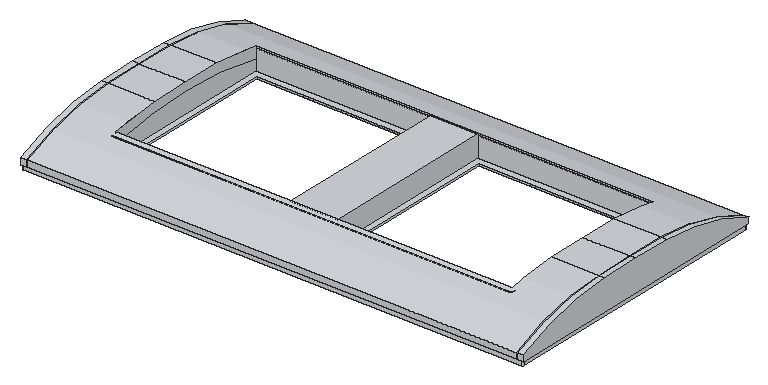
Revit family "Gira_0212768", category Electrical Fixtures, host Face, Revit 2017
Family settings
  Host = Face
  Maintain Annotation Orientation = No
  Round Connector Dimension = Use Diameter
  Part Type = Normal
  Cut with Voids When Loaded = No
  Shared = No
  Room Calculation Point = No
Parameters (values of type "Cov.fr. 2-g interm.fr. AN Gira Event Clear brown")
  With mounting grid = "No"
  With hinged lid = "No"
  URL = "http://katalog.gira.de/en/datenblatt.html?artikelnr=0212768"
  Type of fastening = "Clamp mounting"
  Transparent = "No"
  Surface protection = "Other"
  Surface finishing = "Glossy"
  Suitable for wall duct = "No"
  Suitable for flush-mounted installation = "Yes"
  Suitable for floor box = "No"
  Suitable for built-in installation = "No"
  Number of units vertical = "2"
  Number of units horizontal = "2"
  Number of units = "2"
  Name = "Cov.fr. 2-g interm.fr. AN Gira Event Clear brown"
  Mounting direction = "Horizontal and vertical"
  Material quality = "Thermoplastic"
  Material = "Plastic"
  Manufacturer URL = "https://www.gira.de/"
  Manufacturer = "Gira"
  Label space/information surface = "No"
  Keynote = ""
  HeinzeBIM = "https://bimportal.heinze.de/bim/cov-fr-2-g-interm-fr-an-gira-event-clear-brown/c42af1bc9aecc78102586e3d8887c7005445b592"
  Halogen free = "Yes"
  HAN = "0212768"
  GTIN = "4010337069454"
  Description = "Cov.fr.2g i.fr.AN EvCl BN,Gira Event Clear cover frame,brown with anthracite intermediate frame,2-gang,Features:,- Shatter-proof."
  Degree of protection (IP) = "IP20"
  Default Elevation = 1219.2 mm
  Data sheet (1) = "https://katalog.gira.de/en/download.html?artikelnr=0212768"
  Colour = "Brown"
  Category = "Cover frame for domestic switching devices"
  BIM (1) = "https://media.stage.bim.site/public/gira/36a6b08/Event_Rahmen_2fach.rfa"
  Available = "No"
Reference planes
  plane 1 "Center (Front/Back)": y = 0
  plane 2: z = 0
  plane 3 "Center (Left/Right)": x = 0
Forms (mm)
  Extrusion 1, solid, detail levels fine
    sketch origin (0, 0, 0.05) x (0, 1, 0) y (0, 0, 1)
      loop
        arc (12.445, 9.683) -> (6.223, 9.833) -> (0, 9.85) r 291.636
        arc (0, 9.85) -> (-6.223, 9.833) -> (-12.445, 9.683) r 291.636
        arc (-12.445, 9.683) -> (-29.14, 7.482) -> (-45, 1.823) r 79.728
        line (-45, 1.823) -> (-45, -0.05) -> (-42.086, -0.05)
        arc (-42.086, -0.05) -> (-21.385, 5.559) -> (0, 7.206) r 114.424
        arc (0, 7.206) -> (21.385, 5.559) -> (42.086, -0.05) r 114.424
        line (42.086, -0.05) -> (45, -0.05) -> (45, 1.823)
        arc (45, 1.823) -> (29.14, 7.482) -> (12.445, 9.683) r 79.728
    from -78.55 to 78.55
  Extrusion 2, void, detail levels fine
    sketch origin (0, 0, 0) x (1, 0, 0) y (0, 1, 0)
      loop
        line (-63.55, -27.937) -> (63.55, -27.937) -> (63.55, 28.063) -> (-63.55, 28.063) -> (-63.55, -27.937)
    from 0.724 to 11
  Extrusion 3, solid, detail levels coarse
    sketch origin (0, 0, 0) x (1, 0, 0) y (0, 1, 0)
      loop
        line (-80.55, 45) -> (-80.55, -45) -> (80.55, -45) -> (80.55, 45) -> (-80.55, 45)
    from -1.5 to 9.9
  Extrusion 4, solid, detail levels medium
    sketch origin (0, 0, 0.05) x (0, 1, 0) y (0, 0, 1)
      loop
        arc (12.445, 9.683) -> (6.223, 9.833) -> (0, 9.85) r 291.636
        arc (0, 9.85) -> (-6.223, 9.833) -> (-12.445, 9.683) r 291.636
        arc (-12.445, 9.683) -> (-29.14, 7.482) -> (-45, 1.823) r 79.728
        line (-45, 1.823) -> (-45, -0.05) -> (45, -0.05) -> (45, 1.823)
        arc (45, 1.823) -> (29.14, 7.482) -> (12.445, 9.683) r 79.728
    from -80.55 to 80.55
  Extrusion 5, solid, detail levels fine
    sketch origin (-35.55, 0, -1.5) x (0, 1, 0) y (0, 0, -1)
      loop
        line (45, -3.373) -> (45, -1.5) -> (-45, -1.5) -> (-45, -3.373)
        arc (-45, -3.373) -> (-29.14, -9.032) -> (-12.445, -11.233) r 79.728
        arc (-12.445, -11.233) -> (-6.223, -11.383) -> (0, -11.4) r 291.636
        arc (0, -11.4) -> (6.223, -11.383) -> (12.445, -11.233) r 291.636
        arc (12.445, -11.233) -> (29.14, -9.032) -> (45, -3.373) r 79.728
    from 43 to 45
  Extrusion 6, solid, detail levels fine
    sketch origin (0, 0, 0) x (1, 0, 0) y (0, 1, 0)
      loop
        line (-61.45, 25.7) -> (-61.45, -25.7) -> (-9.65, -25.7) -> (-9.65, 25.7) -> (-61.45, 25.7)
      loop
        line (61.45, -25.7) -> (61.45, 25.7) -> (9.65, 25.7) -> (9.65, -25.7) -> (61.45, -25.7)
      loop
        line (-64.445, 28.49) -> (-64.445, -28.495)
        spline (-64.445, -28.495) -> (-64.436, -28.625) -> (-64.411, -28.754) -> (-64.369, -28.878) -> (-64.311, -28.995) -> (-64.238, -29.104) -> (-64.152, -29.202) -> (-64.054, -29.288) -> (-63.945, -29.361) -> (-63.828, -29.419) -> (-63.704, -29.461) -> (-63.575, -29.486) -> (-63.445, -29.495)
        line (-63.445, -29.495) -> (63.445, -29.495)
        spline (63.445, -29.495) -> (63.575, -29.486) -> (63.704, -29.461) -> (63.828, -29.419) -> (63.945, -29.361) -> (64.054, -29.288) -> (64.152, -29.202) -> (64.238, -29.104) -> (64.311, -28.995) -> (64.369, -28.878) -> (64.411, -28.754) -> (64.436, -28.625) -> (64.445, -28.495)
        line (64.445, -28.495) -> (64.445, 28.49)
        spline (64.445, 28.49) -> (64.436, 28.62) -> (64.411, 28.748) -> (64.369, 28.872) -> (64.311, 28.99) -> (64.238, 29.098) -> (64.152, 29.197) -> (64.054, 29.283) -> (63.945, 29.356) -> (63.828, 29.413) -> (63.704, 29.456) -> (63.575, 29.481) -> (63.445, 29.49)
        line (63.445, 29.49) -> (-63.445, 29.49)
        spline (-63.445, 29.49) -> (-63.575, 29.481) -> (-63.704, 29.456) -> (-63.828, 29.413) -> (-63.945, 29.356) -> (-64.054, 29.283) -> (-64.152, 29.197) -> (-64.238, 29.098) -> (-64.311, 28.99) -> (-64.369, 28.872) -> (-64.411, 28.748) -> (-64.436, 28.62) -> (-64.445, 28.49)
    from 0.1 to 7.3
  Extrusion 7, solid
    sketch origin (0, 0, 0) x (1, 0, 0) y (0, 1, 0)
      loop
        arc (-80.25, -44.2) -> (-80.104, -44.554) -> (-79.75, -44.7) r 0.5
        line (-79.75, -44.7) -> (79.75, -44.7)
        arc (79.75, -44.7) -> (80.104, -44.554) -> (80.25, -44.2) r 0.5
        line (80.25, -44.2) -> (80.25, 44.2)
        arc (80.25, 44.2) -> (80.104, 44.554) -> (79.75, 44.7) r 0.5
        line (79.75, 44.7) -> (-79.75, 44.7)
        arc (-79.75, 44.7) -> (-80.104, 44.554) -> (-80.25, 44.2) r 0.5
        line (-80.25, 44.2) -> (-80.25, -44.2)
      loop
        line (-78.55, 43) -> (-78.55, -43) -> (78.55, -43) -> (78.55, 43) -> (-78.55, 43)
    from -1.5 to 0.5
  Extrusion 8, solid, detail levels fine
    sketch origin (35.55, 0, -1.5) x (0, 1, 0) y (0, 0, 1)
      loop
        arc (45, 3.373) -> (29.14, 9.032) -> (12.445, 11.233) r 79.728
        arc (12.445, 11.233) -> (6.223, 11.383) -> (0, 11.4) r 291.636
        arc (0, 11.4) -> (-6.223, 11.383) -> (-12.445, 11.233) r 291.636
        arc (-12.445, 11.233) -> (-29.14, 9.032) -> (-45, 3.373) r 79.728
        line (-45, 3.373) -> (-45, 1.5) -> (45, 1.5) -> (45, 3.373)
    from 43 to 45
  Extrusion 9, solid, detail levels medium
    sketch origin (0, 0, 0) x (1, 0, 0) y (0, 1, 0)
      loop
        line (-80.25, -44.7) -> (80.25, -44.7) -> (80.25, 44.7) -> (-80.25, 44.7) -> (-80.25, -44.7)
    from -1.5 to 0.5
  Extrusion 10, solid, detail levels fine
    sketch origin (0, 0, 0) x (1, 0, 0) y (0, 1, 0)
      loop
        line (-7.55, 28.063) -> (-7.55, -27.937) -> (7.55, -27.937) -> (7.55, 28.063) -> (-7.55, 28.063)
    from 0.724 to 7.566
Cuts and joins
  Extrusion 2 cuts Extrusion 1
  Extrusion 2 cuts Extrusion 6
Dimensions and locks
  aligned and locked: plane 2 to host face
  aligned and locked: level to host face
